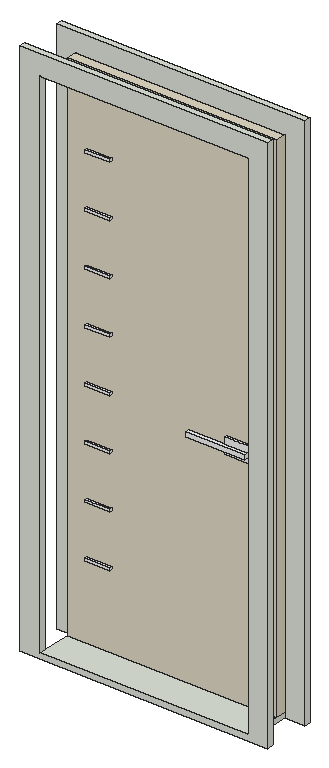
Revit family
Parameters
  판넬색 [instance] = 판넬색
  장식띠 = 장식띠
  손잡이 = 손잡이
  문테두리 = 띠줄
  문열림각도 [instance] = 90.00°
  Thickness = 40 mm
  Function = (empty or 0)
  Frame Projection Ext. = 25 mm
  Frame Projection Int. = 25 mm
  Frame Width = 75 mm
  Height = 2000 mm
  Wall Closure = (empty or 0)
  Width = 800 mm
  Assembly Code = ""
Reference planes
  plane 1: y = 0
  plane 2 "Center (Left/Right)": x = 0
  plane 3 "Left": x = -400
  plane 4 "Right": x = 400
  plane 5: z = 2000
  plane 6 "Exterior": y = 75
  plane 7 "Interior": y = -75
Forms (mm)
  Extrusion 1, solid, material "띠줄" <- "문테두리"
    sketch origin (-3050, -75, 0) x (1, 0, 0) y (0, 0, 1)
      loop
        line (2575, 0) -> (2650, 0) -> (2650, 2000) -> (3450, 2000) -> (3450, 0) -> (3525, 0) -> (3525, 2075) -> (2575, 2075) -> (2575, 0)
    from 0 to 25
  Extrusion 2, solid, material "띠줄" <- "문테두리"
    sketch origin (-3050, 75, 0) x (-1, 0, 0) y (0, 0, 1)
      loop
        line (-2650, 0) -> (-2575, 0) -> (-2575, 2075) -> (-3525, 2075) -> (-3525, 0) -> (-3450, 0) -> (-3450, 2000) -> (-2650, 2000) -> (-2650, 0)
    from 0 to 25
  Extrusion 3, solid, material "판넬색" <- "판넬색"
    sketch origin (0, 75, 66.048) x (1, 0, 0) y (0, 0, 1)
      loop
        line (400, 1933.952) -> (-400, 1933.952) -> (-400, -46.048) -> (400, -46.048) -> (400, 1933.952)
    from 0 to 40
  Extrusion 4, solid, material "장식띠" <- "장식띠"
    sketch origin (0, 75, 0) x (1, 0, 0) y (0, 0, 1)
      loop
        line (-231.08, 1717.359) -> (-326.08, 1717.359) -> (-326.08, 1707.359) -> (-231.08, 1707.359) -> (-231.08, 1717.359)
      loop
        line (-231.08, 1517.359) -> (-326.08, 1517.359) -> (-326.08, 1507.359) -> (-231.08, 1507.359) -> (-231.08, 1517.359)
      loop
        line (-231.08, 1317.359) -> (-326.08, 1317.359) -> (-326.08, 1307.359) -> (-231.08, 1307.359) -> (-231.08, 1317.359)
      loop
        line (-231.08, 1117.359) -> (-326.08, 1117.359) -> (-326.08, 1107.359) -> (-231.08, 1107.359) -> (-231.08, 1117.359)
      loop
        line (-231.08, 917.359) -> (-326.08, 917.359) -> (-326.08, 907.359) -> (-231.08, 907.359) -> (-231.08, 917.359)
      loop
        line (-231.08, 717.359) -> (-326.08, 717.359) -> (-326.08, 707.359) -> (-231.08, 707.359) -> (-231.08, 717.359)
      loop
        line (-231.08, 517.359) -> (-326.08, 517.359) -> (-326.08, 507.359) -> (-231.08, 507.359) -> (-231.08, 517.359)
      loop
        line (-231.08, 317.359) -> (-326.08, 317.359) -> (-326.08, 307.359) -> (-231.08, 307.359) -> (-231.08, 317.359)
    from -9.762 to 49.871
  Extrusion 5, solid, material "손잡이" <- "손잡이"
    sketch origin (0, 75, 0) x (1, 0, 0) y (0, 0, 1)
      loop
        line (348.657, 920.821) -> (208.657, 920.821) -> (208.657, 860.821) -> (348.657, 860.821) -> (348.657, 920.821)
    from -9.762 to 49.871
  Extrusion 6, solid, material "손잡이" <- "손잡이"
    sketch origin (0, 0, 0) x (1, 0, 0) y (0, 1, 0)
      loop
        line (298.469, 84.762) -> (298.469, 99.762) -> (73.469, 99.762) -> (73.469, 84.762) -> (298.469, 84.762)
      loop
        line (298.469, 25.129) -> (73.469, 25.129) -> (73.469, 10.129) -> (298.469, 10.129) -> (298.469, 25.129)
    from 877.85 to 895.48
  Extrusion 7, solid, material "띠줄" <- "문테두리"
    sketch origin (0, 0, 0) x (1, 0, 0) y (0, 1, 0)
      loop
        line (-400, 100) -> (-400, -100) -> (400, -100) -> (400, 100) -> (-400, 100)
    from 0 to 20
Cuts and joins
  joined: Extrusion 1, Extrusion 2, Extrusion 7
Lines and regions (mm)
  Opening 1
    outline origin (-3050, -75, 0) x (1, 0, 0) y (0, 0, 1)
      loop
        line (2650, 0) -> (3450, 0) -> (3450, 2000) -> (2650, 2000) -> (2650, 0)
  symbolic lines, style "Elevation Swing"
    curve 1: line (400, -75, 1010) -> (-849.875, -75, 2000)
    curve 2: line (400, -75, 1010) -> (-400, -75, 0)
    curve 3: line (-400, 75, 0) -> (400, 75, 1010)
    curve 4: line (400, 75, 1010) -> (-400, 75, 1643.663)
  symbolic lines, style "Plan Swing"
    curve 5: line (-400, 75, 0) -> (-360, 75, 0)
    curve 6: line (-400, 875, 0) -> (-400, 75, 0)
    curve 7: line (-360, 875, 0) -> (-400, 875, 0)
    curve 8: line (-360, 75, 0) -> (-360, 875, 0)
    curve 9: arc (400, 75, 0) -> (165.685, 640.685, 0) -> (-400, 875, 0) r 800
Text (mm)
  text "Exterior" at (-2295.016, 1099.543, 0), in view "Ref. Level"
  text "Exterior" at (0, 1615.38, 3698.081), in view "Left"
  text "Exterior" at (0, 1036.032, 3874.932), in view "Right"
Dimensions and locks
  equal spacing: plane 3 "Left", plane 2 "Center (Left/Right)", plane 4 "Right"
  "Width": plane 3 "Left" to plane 4 "Right"
  "Frame Projection Ext.": Extrusion 2 to Extrusion 2
  "Frame Projection Int.": Extrusion 1 to Extrusion 1
  "Frame Width": plane 3 "Left" to Extrusion 1 sketch curve
  "Frame Width": plane 4 "Right" to Extrusion 1 sketch curve
  "Frame Width": Extrusion 1 sketch curve to plane 5
  "Frame Width": plane 4 "Right" to Extrusion 2 sketch curve
  "Frame Width": plane 3 "Left" to Extrusion 2 sketch curve
  "Frame Width": plane 5 to Extrusion 2 sketch curve
  locked: plane 6 "Exterior" to host wall at 0
  locked: plane 7 "Interior" to host wall
  "Thickness": Extrusion 3 to Extrusion 3
  locked: Extrusion 4 to Extrusion 3 at 9.871
  locked: Extrusion 4 to Extrusion 3 at 9.762
  locked: Extrusion 5 to Extrusion 3 at 9.762
  locked: Extrusion 5 to Extrusion 3 at 9.871
  "Height": level to plane 5
  equal spacing: cut or joined group of Extrusion 1, Extrusion 2, Extrusion 7, curve 4, cut or joined group of Extrusion 1, Extrusion 2, Extrusion 7
  equal spacing: cut or joined group of Extrusion 1, Extrusion 2, Extrusion 7, curve 4, curve 1
  equal spacing: Extrusion 4, Extrusion 4, Extrusion 4, Extrusion 4, Extrusion 4, Extrusion 4, Extrusion 4, Extrusion 4
  locked: Extrusion 4 to cut or joined group of Extrusion 1, Extrusion 2, Extrusion 7 at 282.641
  locked: cut or joined group of Extrusion 1, Extrusion 2, Extrusion 7 to Extrusion 4 at 287.359
  "Thickness": curve 6 to curve 8
  "Width": curve 5 to curve 7
  aligned and locked: plane 3 "Left" to Opening 1 sketch curve
  aligned and locked: plane 5 to Opening 1 sketch curve  (x2)
  aligned and locked: Opening 1 sketch curve to plane 4 "Right"
  aligned and locked: Opening 1 sketch curve to level
  aligned and locked: level to Extrusion 1 sketch curve
  aligned and locked: plane 5 to Extrusion 1 sketch curve  (x2)
  aligned and locked: Extrusion 1 sketch curve to plane 4 "Right"
  aligned and locked: plane 3 "Left" to Extrusion 1 sketch curve
  aligned and locked: plane 3 "Left" to Extrusion 2 sketch curve
  aligned and locked: plane 5 to Extrusion 2 sketch curve  (x2)
  aligned and locked: level to Extrusion 2 sketch curve
  aligned and locked: plane 3 "Left" to curve 2
  aligned and locked: plane 1 to host wall
  aligned and locked: Extrusion 5 to Extrusion 6 sketch curve
  aligned and locked: Extrusion 2 to Extrusion 7 sketch curve
  aligned and locked: Extrusion 7 sketch curve to Extrusion 2
  aligned and locked: Extrusion 1 to Extrusion 7 sketch curve
  aligned and locked: Extrusion 7 sketch curve to Extrusion 1
  aligned and locked: Extrusion 3 to cut or joined group of Extrusion 1, Extrusion 2, Extrusion 7
  aligned and locked: Extrusion 3 to host wall
Automatic sketch dimensions
  curve 4 to plane 3 "Left" = 0 mm
  curve 2 to plane 4 "Right" = 0 mm
  curve 3 to level = 0 mm
  curve 2 to level = 0 mm
  curve 3 to plane 3 "Left" = 0 mm
  curve 3 to plane 4 "Right" = 0 mm
  curve 2 to curve 3 = 0 mm
  Extrusion 1 sketch curve to level = 0 mm
  Extrusion 2 sketch curve to plane 4 "Right" = 0 mm
  Extrusion 2 sketch curve to level = 0 mm
  curve 5 to host wall = 0 mm
  curve 5 to plane 3 "Left" = 0 mm
  curve 9 to host wall = 0 mm
  Extrusion 3 sketch curve to plane 3 "Left" = 0 mm
  Extrusion 3 sketch curve to plane 4 "Right" = 0 mm
  Extrusion 3 sketch curve to plane 5 = 0 mm
  level to Extrusion 3 sketch curve = 20 mm
  Extrusion 4 sketch curve to plane 3 "Left" = 73.92 mm  (x8)
  Extrusion 4 sketch curve to Extrusion 4 sketch curve = 95 mm  (x8)
  level to Extrusion 4 sketch curve = 307.359 mm
  Extrusion 4 sketch curve to Extrusion 4 sketch curve = 10 mm  (x8)
  Extrusion 4 sketch curve to Extrusion 4 sketch curve = 190 mm  (x7)
  plane 4 "Right" to Extrusion 5 sketch curve = 191.343 mm
  plane 4 "Right" to Extrusion 5 sketch curve = 51.343 mm
  level to Extrusion 5 sketch curve = 860.821 mm
  Extrusion 5 sketch curve to Extrusion 5 sketch curve = 60 mm
  Extrusion 6 sketch curve to host wall = 10.129 mm
  plane 2 "Center (Left/Right)" to Extrusion 6 sketch curve = 73.469 mm
  Extrusion 6 sketch curve to Extrusion 6 sketch curve = 0 mm  (x2)
  plane 4 "Right" to Extrusion 6 sketch curve = 101.531 mm
  Extrusion 6 sketch curve to Extrusion 6 sketch curve = 15 mm  (x2)
